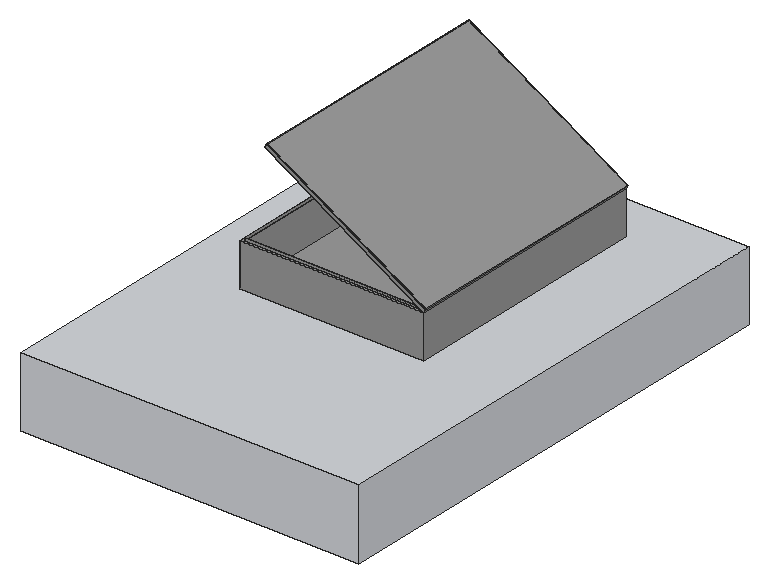
Revit family "Hager-Univers-IP44-D205-H1100-Cl.I-Encl-CH-de", category Equipement électrique, Revit 2020
Family settings
  Hôte = Face
  Configuration du panneau = Deux colonnes, circuits au sein
  Cote de connecteur circulaire = Utiliser le diamètre
  Type d'élément = Tableau de raccordement
  Couper avec des vides une fois chargée = Non
  Partagée = Non
  Point de calcul de pièce = Non
Parameters (values of type "Aufputz IP44 B800 H1100 T205  - FP73TN2")
  Width Control [instance] = if([EF000008 - Breite] > Min Width, [EF000008 - Breite], Min Width)  # 800 mm
  Commentaires du type = [HG000003 - Bereich]  # "Univers"
  Thickness Door [instance] = if([EF009171 - Materialstärke Tür/Deckel] > 3 mm, 3 mm, [EF009171 - Materialstärke Tür/Deckel])  # 1 mm
  Seal Frame Offset [instance] = 17 mm  # constant formula
  Plinth Visibility [instance] = [HG000027 - Sockelhöhe] > 0 mm  # no
  Model = ""
  Min Width [instance] = 100 mm  # constant formula
  Min Height [instance] = 100 mm  # constant formula
  Min Depth [instance] = (2 * [EF009170 - Materialstärke Gehäuse]) + 1 mm  # 3 mm
  Internal Frame Depth [instance] = (Door System Depth * 0.5)  # 9 mm
  Height Control [instance] = if([EF000040 - Höhe] > Min Height, [EF000040 - Höhe], Min Height)  # 1100 mm
  HG000027 - Sockelhöhe = 0 mm
  HG000026 - Stehend auf dem Boden = no
  HG000024 - Höhe des unteren Teils = 800 mm
  HG000023 - Gehäuse mit doppeltem Querschnitt = no
  HG000016 - 3D-Türsichtbarkeit [instance] = yes
  HG000015 - Sichtbarkeit der Türöffnung [instance] = no
  HG000014 - Tür rechts [instance] = yes
  HG000013 - Tür links [instance] = not([HG000014 - Tür rechts])  # no
  HG000012 - Türschwenkwinkel [instance] = 30.00°
  HG000010 - Asymmetrische Türen = no
  HG000009 - Doppelflügeligen Tür = no
  HG000006 - Unterputz = no
  HG000004 - Herstellerreferenz = "FP73TN2"
  HG000003 - Bereich = "Univers"
  HG000002 - Mit tür = yes
  Frame Offset Bottom [instance] = 10 mm  # constant formula
  Frame Offset [instance] = 15 mm  # constant formula
  EF015940 - Deckel mit Überdruckentlastung = no
  EF011959 - Schutzart (NEMA) = ""
  EF009554 - Anzahl der Öffnungen für Flanschplatten = 6
  Fabricant = "Hager"  # constant formula
  EF009212 - Ausführung Deckel = "EV000116 - geschlossen"
  EF009171 - Materialstärke Tür/Deckel = 1 mm
  EF009170 - Materialstärke Gehäuse = 1 mm
  EF008873 - Nennstrom (In) = 250 A
  EF007800 - Geeignet für Blitzschutz = no
  EF006306 - Mit Schloss = no
  EF006244 - Transparenter Deckel/Tür = no
  EF005474 - Schutzart (IP) = "EV006418 - IP44"
  EF004464 - Art der Tür = "EV002646 - Einzel"
  EF004427 - Anzahl der Module = 252
  EF004293 - Schlagfestigkeit = "EV006815 - IK09"
  EF003532 - Geeignet für Außengebrauch = no
  EF002950 - Breite in Teilungseinheiten = 36
  EF001613 - Funktionserhalt = "EV000494 - ohne"
  EF001596 - Werkstoff des Gehäuses = "EV000179 - Stahl"
  EF001131 - Innentiefe = 130 mm
  EF001088 - Anbaumöglichkeit = yes
  EF000437 - Anzahl der Leitungseinführungen = 6
  EF000339 - Art der Abdeckung = "EV001012 - Deckel"
  EF000266 - Anzahl der Reihen = 7
  EF000218 - Einbautiefe = 205 mm
  EF000118 - Mit Montageplatte = no
  EF000116 - RAL-Nummer = "9010"
  EF000049 - Tiefe = 205 mm
  EF000040 - Höhe = 1100 mm
  EF000008 - Breite = 800 mm
  EF000007 - Farbe = "EV000202 - weiß"
  EF000003 - Montageart = "EV000384 - Aufputz"
  Door System Leaf Tolerance [instance] = 1.5 mm  # constant formula
  Door System Depth [instance] = 18 mm  # constant formula
  Door Height [instance] = Height Control - [HG000027 - Sockelhöhe]  # 1100 mm
  Depth Control [instance] = if([EF000049 - Tiefe] > Min Depth, [EF000049 - Tiefe], Min Depth)  # 205 mm
  Default Elevation = 0 mm
  Connector Offset [instance] = Height Control / 2  # 550 mm
  Bottom Top Plate Trim [instance] = 1.5 mm  # constant formula
  Plinth height Ctrl [instance] = if([HG000027 - Sockelhöhe] > 0 mm, [HG000027 - Sockelhöhe], 12 mm)  # 12 mm
Types (10, lengths in mm): name | Width Control | HG000010 - Asymmetrische Türen | HG000009 - Doppelflügeligen Tür | HG000004 - Herstellerreferenz | EF009554 - Anzahl der Öffnungen für Flanschplatten | EF004464 - Art der Tür | EF004427 - Anzahl der Module | EF002950 - Breite in Teilungseinheiten | EF000437 - Anzahl der Leitungseinführungen | EF000218 - Einbautiefe | EF000008 - Breite
  Aufputz IP44 B1050 H1100 T205  - FP74QT | 1050 | no | no | "FP74QT" | 8 | "EV003602 - Doppel" | 336 | 48 | 8 | 0 | 1050
  Aufputz IP44 B1050 H1100 T205  - FP74TN2 | 1050 | no | yes | "FP74TN2" | 8 | "EV003602 - Doppel" | 336 | 48 | 8 | 205 | 1050
  Aufputz IP44 B1300 H1100 T205  - FP75QT | 1300 | no | no | "FP75QT" | 10 | "EV003602 - Doppel" | 420 | 60 | 10 | 0 | 1300
  Aufputz IP44 B1300 H1100 T205  - FP75TN2 | 1300 | yes | yes | "FP75TN2" | 10 | "EV003602 - Doppel" | 420 | 60 | 10 | 205 | 1300
  Aufputz IP44 B300 H1100 T205  - FP71QT | 300 | no | no | "FP71QT" | 2 | "EV002646 - Einzel" | 84 | 12 | 2 | 0 | 300
  Aufputz IP44 B300 H1100 T205  - FP71TN2 | 300 | no | no | "FP71TN2" | 2 | "EV002646 - Einzel" | 84 | 12 | 2 | 205 | 300
  Aufputz IP44 B550 H1100 T205  - FP72QT | 550 | no | no | "FP72QT" | 4 | "EV002646 - Einzel" | 168 | 24 | 4 | 0 | 550
  Aufputz IP44 B550 H1100 T205  - FP72TN2 | 550 | no | no | "FP72TN2" | 4 | "EV002646 - Einzel" | 168 | 24 | 4 | 205 | 550
  Aufputz IP44 B800 H1100 T205  - FP73QT | 800 | no | no | "FP73QT" | 6 | "EV002646 - Einzel" | 252 | 36 | 6 | 0 | 800
  Aufputz IP44 B800 H1100 T205  - FP73TN2 | 800 | no | no | "FP73TN2" | 6 | "EV002646 - Einzel" | 252 | 36 | 6 | 205 | 800
Reference planes
  plane 1 "Center (Front/Back)": y = 0
  plane 2: z = 0
  plane 3 "Center (Left/Right)": x = 0
  plane 4: z = 205
  plane 5: y = 1
  plane 6: y = 550
  plane 7: y = 0
  plane 8: y = 1100
  plane 9: z = 0
  plane 10: x = -385
  plane 11: x = 385
  plane 12: x = 384
  plane 13: x = -384
  plane 14: y = 1099
  plane 15: x = -383
  plane 16: x = -400
  plane 17: x = 383
  plane 18: x = 400
  plane 19: x = 399
  plane 20: x = -399
  plane 21: y = 11
  plane 22: y = 1100
  plane 23: y = 1084
  plane 24: z = 187
  plane 25: z = 1
  plane 26: z = 186
  plane 27: z = 204
Forms (mm)
  Extrusion 1, solid
    sketch origin (0, 0, 0) x (1, 0, 0) y (0, 1, 0)
      loop
        line (-702.964, 1305) -> (-702.964, -811.445) -> (766.763, -811.445) -> (766.763, 1305) -> (-702.964, 1305)
    from 0 to -304.8
  Extrusion 2, solid, material "Hager_Steel_RAL7035_Light_Grey", visible <- "Plinth Visibility", detail levels medium+fine
    sketch origin (0, 0, 0) x (1, 0, 0) y (0, 1, 0)
      loop
        line (-400, 0) -> (400, 0) -> (400, 12) -> (-400, 12) -> (-400, 0)
    from 0 to 187
  Extrusion 3, solid, material "Hager_Steel_RAL7035_Light_Grey", detail levels medium+fine
    sketch origin (0, 0, 0) x (1, 0, 0) y (0, 1, 0)
      loop
        line (-400, 0) -> (400, 0) -> (400, 1100) -> (-400, 1100) -> (-400, 0)
    from 0 to 187
  Extrusion 4, void
    sketch origin (0, 0, 0) x (1, 0, 0) y (0, 1, 0)
      loop
        line (-399, 1) -> (399, 1) -> (399, 1099) -> (-399, 1099) -> (-399, 1)
    from 1 to 186
  Extrusion 5, void
    sketch origin (-381.607, -4572, 187) x (0, -1, 0) y (-1, 0, 0)
      loop
        line (-4583, 2.393) -> (-5656, 2.393) -> (-5656, -765.607) -> (-4583, -765.607) -> (-4583, 2.393)
    from 0 to 1 <- "EF009170 - Materialstärke Gehäuse"
  Extrusion 6, solid, material "Hager_Steel_RAL7035_Light_Grey", detail levels fine
    sketch origin (0, 0, 187) x (1, 0, 0) y (0, 1, 0)
      loop
        line (-384, 1084) -> (-384, 11) -> (384, 11) -> (384, 1084) -> (-384, 1084)
      loop
        line (-385, 10) -> (385, 10) -> (385, 1085) -> (-385, 1085) -> (-385, 10)
    from 0 to 9 <- "Internal Frame Depth"
  Extrusion 7, solid, material "Hager_Steel_RAL7035_Light_Grey", detail levels coarse
    sketch origin (0, 0, 0) x (1, 0, 0) y (0, 1, 0)
      loop
        line (-400, 0) -> (400, 0) -> (400, 1100) -> (-400, 1100) -> (-400, 0)
    from 0 to 205
  Sweep 8, void
    path in 3D
      loop
        line (-400, 12, 0) -> (400, 12, 0) -> (400, 12, 187) -> (-400, 12, 187) -> (-400, 12, 0)
    profile origin (-400, 12, 93.5) x (-1, 0, 0) y (0, -1, 0)
      loop
        line (0, 0) -> (0, 1.5) -> (-1.5, 1.5)
        arc (-1.5, 1.5) -> (-1.061, 0.439) -> (0, 0) r 1.5
Cuts and joins
  Extrusion 4, Extrusion 5 cuts Extrusion 3
  Sweep 8 cuts Extrusion 2
Lines and regions (mm)
  Masking region 1
    outline origin (0, 0, 0) x (1, 0, 0) y (0, 0, 1)
      loop
        line (-400, 205) -> (-400, 0) -> (400, 0) -> (400, 205) -> (-400, 205)
  Masking region 2, detail levels medium+fine
    outline origin (0, 140, 0) x (0, 1, 0) y (0, 0, 1)
      loop
        line (-140, 0) -> (960, 0) -> (960, 187) -> (-140, 187) -> (-140, 0)
  Masking region 3, not visible, detail levels medium+fine
    outline origin (0, 297.922, 0) x (0, 1, 0) y (0, 0, 1)
      loop
        line (263.578, 0) -> (303.578, 0) -> (303.578, 194)
        arc (303.578, 194) -> (300.649, 201.071) -> (293.578, 204) r 10
        line (293.578, 204) -> (263.578, 204) -> (263.578, 0)
  Masking region 4, detail levels coarse
    outline origin (0, 0, 180) x (0, 1, 0) y (0, 0, 1)
      loop
        line (0, -180) -> (1100, -180) -> (1100, 25) -> (0, 25) -> (0, -180)
  Masking region 5, visible <- "Plinth Visibility", detail levels medium+fine
    outline origin (0, 52.24, 12.345) x (0, 0, -1) y (0, 1, 0)
      loop
        line (10.845, -40.24) -> (-173.155, -40.24)
        arc (-173.155, -40.24) -> (-173.594, -41.301) -> (-174.655, -41.74) r 1.5
        line (-174.655, -41.74) -> (-174.655, -52.24) -> (12.345, -52.24) -> (12.345, -41.74)
        arc (12.345, -41.74) -> (11.285, -41.301) -> (10.845, -40.24) r 1.5
  Masking region 6, detail levels medium+fine
    outline origin (-381.607, -4572, 187) x (-1, 0, 0) y (0, -1, 0)
      loop
        line (18.393, -5672) -> (18.393, -4572) -> (-781.607, -4572) -> (-781.607, -5672) -> (18.393, -5672)
  Masking region 7, visible <- "Plinth Visibility", detail levels medium+fine
    outline origin (-381.607, -4727, 187) x (-1, 0, 0) y (0, -1, 0)
      loop
        arc (16.893, -4739) -> (17.332, -4737.939) -> (18.393, -4737.5) r 1.5
        line (18.393, -4737.5) -> (18.393, -4727) -> (-781.607, -4727) -> (-781.607, -4737.5)
        arc (-781.607, -4737.5) -> (-780.546, -4737.939) -> (-780.107, -4739) r 1.5
        line (-780.107, -4739) -> (16.893, -4739)
  Masking region 8, detail levels coarse
    outline origin (-442.548, -4669.526, 187) x (-1, 0, 0) y (0, -1, 0)
      loop
        line (-42.548, -5769.526) -> (-42.548, -4669.526) -> (-842.548, -4669.526) -> (-842.548, -5769.526) -> (-42.548, -5769.526)
  sketch lines
    curve 1: line (-400, 12, 187) -> (-400, 12, 0)
    curve 2: line (400, 12, 187) -> (-400, 12, 187)
    curve 3: line (400, 12, 187) -> (400, 12, 0)
    curve 4: line (-400, 12, 0) -> (400, 12, 0)
Dimensions and locks
  "Depth Control": plane 4 to Extrusion 1
  "HG000027 - Sockelhöhe": plane 1 "Center (Front/Back)" to plane 7
  "EF009170 - Materialstärke Gehäuse": plane 5 to plane 7
  locked: connector elem to plane 3 "Center (Left/Right)"
  equal spacing: plane 8, plane 6, plane 7
  locked: connector elem to plane 6
  "EF009170 - Materialstärke Gehäuse": plane 8 to plane 14
  "EF009170 - Materialstärke Gehäuse": plane 10 to plane 13
  "EF009170 - Materialstärke Gehäuse": plane 12 to plane 11
  "Frame Offset": plane 20 to plane 13
  "Frame Offset": plane 12 to plane 19
  "EF009170 - Materialstärke Gehäuse": plane 16 to plane 20
  "EF009170 - Materialstärke Gehäuse": plane 19 to plane 18
  "Seal Frame Offset": plane 16 to plane 15
  "Seal Frame Offset": plane 17 to plane 18
  "Frame Offset Bottom": plane 21 to plane 5
  "Frame Offset": plane 14 to plane 23
  equal spacing: plane 16, plane 3 "Center (Left/Right)", plane 18
  "Width Control": plane 16 to plane 18
  "EF009170 - Materialstärke Gehäuse": plane 4 to plane 27
  "EF009170 - Materialstärke Gehäuse": plane 24 to plane 26
  "EF009170 - Materialstärke Gehäuse": plane 25 to level
  "Door System Depth": plane 4 to plane 24
  "Height Control": plane 1 "Center (Front/Back)" to Extrusion 7 sketch curve
  "Height Control": Masking region 4 sketch curve to plane 1 "Center (Front/Back)"
  "Height Control": plane 1 "Center (Front/Back)" to plane 22
  "Bottom Top Plate Trim": profile plane to Sweep 8 sketch curve
  "Bottom Top Plate Trim": Sweep 8 sketch curve to profile plane
  "Plinth height Ctrl": plane 1 "Center (Front/Back)" to Extrusion 2 sketch curve
  "Plinth height Ctrl": Masking region 5 sketch curve to plane 1 "Center (Front/Back)"
  "Plinth height Ctrl": plane 1 "Center (Front/Back)" to Masking region 7 sketch curve
  "Thickness Door": Extrusion 6 sketch curve to Extrusion 6 sketch curve  (x3)
  "Thickness Door": cut or joined group of Extrusion 3, Extrusion 4, Extrusion 5 to Extrusion 6 sketch curve
  radius of Masking region 3 sketch curve = 10 mm
  "Bottom Top Plate Trim": radius of Masking region 5 sketch curve  (x2)
  "Bottom Top Plate Trim": radius of Sweep 8 sketch curve
  "Bottom Top Plate Trim": radius of Masking region 7 sketch curve  (x2)
  aligned and locked: plane 2 to Extrusion 1
  aligned and locked: level to Extrusion 1
  aligned and locked: level to Masking region 1 sketch curve
  aligned and locked: Masking region 1 sketch curve to plane 18
  aligned and locked: Masking region 1 sketch curve to plane 16
  aligned and locked: plane 7 to Masking region 2 sketch curve
  aligned and locked: level to Masking region 3 sketch curve
  aligned and locked: Masking region 3 sketch curve to plane 27
  aligned and locked: level to Masking region 2 sketch curve
  aligned and locked: plane 1 "Center (Front/Back)" to Extrusion 2 sketch curve
  aligned and locked: Extrusion 3 sketch curve to plane 7
  aligned and locked: plane 16 to Extrusion 3 sketch curve
  aligned and locked: plane 18 to Extrusion 3 sketch curve
  aligned and locked: plane 20 to Extrusion 4 sketch curve
  aligned and locked: plane 19 to Extrusion 4 sketch curve
  aligned and locked: Extrusion 4 sketch curve to plane 5
  aligned and locked: Extrusion 4 to plane 25
  aligned and locked: plane 26 to Extrusion 4
  aligned and locked: plane 24 to Extrusion 3
  aligned and locked: Extrusion 5 sketch curve to plane 21
  aligned and locked: Extrusion 5 sketch curve to plane 13
  aligned and locked: Extrusion 5 sketch curve to plane 12
  aligned and locked: plane 18 to Extrusion 7 sketch curve
  aligned and locked: plane 1 "Center (Front/Back)" to Extrusion 7 sketch curve
  aligned and locked: plane 16 to Extrusion 7 sketch curve
  aligned and locked: plane 4 to Extrusion 7
  aligned and locked: Extrusion 7 to level
  aligned and locked: level to Masking region 4 sketch curve
  aligned and locked: Masking region 4 sketch curve to plane 1 "Center (Front/Back)"
  aligned and locked: Masking region 4 sketch curve to plane 4
  aligned and locked: nested 1 to level
  aligned and locked: nested 1 to plane 16
  aligned and locked: plane 8 to Extrusion 3 sketch curve
  aligned and locked: plane 23 to Extrusion 5 sketch curve
  aligned and locked: plane 14 to Extrusion 4 sketch curve
  aligned and locked: Masking region 2 sketch curve to plane 8
  aligned and locked: level to Masking region 5 sketch curve
  aligned and locked: plane 16 to Extrusion 2 sketch curve
  aligned and locked: plane 18 to Extrusion 2 sketch curve
  aligned and locked: Masking region 5 sketch curve to plane 24
  aligned and locked: Masking region 2 sketch curve to plane 24
  aligned and locked: plane 24 to Extrusion 2
  aligned and locked: profile plane to Sweep 8 sketch curve  (x2)
  aligned and locked: Masking region 6 sketch curve to plane 18
  aligned and locked: Masking region 6 sketch curve to plane 22
  aligned and locked: Masking region 6 sketch curve to plane 16
  aligned and locked: plane 8 to plane 22
  aligned and locked: Masking region 6 sketch curve to plane 7
  aligned and locked: Masking region 7 sketch curve to plane 16
  aligned and locked: Masking region 7 sketch curve to plane 1 "Center (Front/Back)"
  aligned and locked: Masking region 7 sketch curve to plane 18
  aligned and locked: Masking region 8 sketch curve to plane 1 "Center (Front/Back)"
  aligned and locked: Masking region 8 sketch curve to plane 18
  aligned and locked: Masking region 8 sketch curve to plane 22
  aligned and locked: Masking region 8 sketch curve to plane 16
  aligned and locked: nested 2 to plane 7
  aligned and locked: plane 3 "Center (Left/Right)" to nested 2
  aligned and locked: nested 2 to plane 24
  aligned and locked: Extrusion 6 sketch curve to cut or joined group of Extrusion 3, Extrusion 4, Extrusion 5  (x4)
Automatic sketch dimensions
  Extrusion 1 sketch curve to Extrusion 1 sketch curve = 1469.727 mm
  Extrusion 1 sketch curve to Extrusion 1 sketch curve = 2116.445 mm
  Masking region 1 sketch curve to plane 4 = 0 mm
  plane 6 to Masking region 3 sketch curve = 11.5 mm
  Masking region 3 sketch curve to Masking region 3 sketch curve = 30 mm
  Masking region 5 sketch curve to plane 1 "Center (Front/Back)" = 0 mm
Nested families
  nested 1: "Hager_Enclosure_Symbol" at (-400, 0, 0) x (1, 0, 0) z (0, -1, 0), Height <- "Depth Control", Width <- "Width Control", type "Hager_Enclosure_Symbol"
    with Width_Ctrl 800 mm, Width 800 mm, Height_Ctrl 205 mm, Height 205 mm, A_Width_Int 13.453 mm, A_Width 161.438 mm, A_Height_Ctrl 179.375 mm, A_Height 179.375 mm
  nested 2: "EC000058_Univers_Door" at (0, 0, 187) x (1, 0, 0) z (0, 1, 0), Leaf_Tolerance <- "Door System Leaf Tolerance", Angle <- "HG000012 - Türschwenkwinkel", Door_Depth <- "Door System Depth", Door_Left <- "HG000013 - Tür links", Transparent <- "EF006244 - Transparenter Deckel/Tür", Assymetrical <- "HG000010 - Asymmetrische Türen", Width <- "Width Control", Clearance <- "HG000015 - Sichtbarkeit der Türöffnung", Double <- "HG000009 - Doppelflügeligen Tür", 3d_Door <- "HG000016 - 3D-Türsichtbarkeit", Lock_Visibility <- "EF006306 - Mit Schloss", Width_Ctrl <- "Width Control", Door_Right <- "HG000014 - Tür rechts", Door <- "HG000002 - Mit tür", Height <- "Door Height", Thickness <- "Thickness Door", type "EC000058_Univers_Door", detail levels medium+fine
    with min_wh 3 mm, Width_Ctrl 800 mm, Width 800 mm, Transparent no, Thickness 1 mm, Seal_Material Hager_Rubber, Lock_Visibility no, Lock_Material Hager_Plastic_RAL9005_Jet_Black, Leaf_Width 800 mm, Leaf_Tolerance_External_Sides 0 mm, Leaf_Tolerance 1.5 mm, Leaf_Offset 0 mm, Leaf_Height 1097 mm, Leaf_2_Width 800 mm, Leaf_2_Offset 400 mm, Leaf_1_Width 800 mm, Leaf_1_Offset 400 mm, Height_Ctrl 1100 mm, Height 1100 mm, Glass_Material Hager_Glass, Double_Clearance_Ctrl no, Double no, Door_Right_Ctrl yes, Door_Right yes, Door_Material Hager_Steel_RAL7035_Light_Grey, Door_Left_Ctrl no, Door_Left no, Door_Depth 18 mm, Door yes, Clearance_Material Hager_Clearance, Clearance_Depth 800 mm, Clearance_Ctrl no, Clearance no, Assymetrical no, Angle 30.00°, 3d_Door yes
Connectors
  electrical at (0, 550, 0)
    settings: on plane 9, index 1, voltage 0 V, apparent load 0 VA, apparent load phase1 0 VA, apparent load phase2 0 VA, apparent load phase3 0 VA, power factor 1, load classification "Other", number of poles 1, system type 30, power factor state 1, is connector primary yes, connector utility no, sub classification motor no, connector description ""
Definition of nested family "EC000058_Univers_Door"
  Parameters (values of type "EC000058_Univers_Door")
    min_wh [instance] = (2 * Thickness) + 1 mm  # 11 mm
    Width_Ctrl [instance] = 400 mm
    Width [instance] = 500 mm
    Transparent [instance] = yes
    Thickness [instance] = 5 mm
    Seal_Material [instance] = none
    Lock_Visibility [instance] = yes
    Lock_Material [instance] = none
    Leaf_Width [instance] = if((Width_Ctrl - 2 * Leaf_Tolerance_External_Sides) > 0 mm, (Width_Ctrl - 2 * Leaf_Tolerance_External_Sides), min_wh)  # 400 mm
    Leaf_Tolerance_External_Sides [instance] = 0 mm  # constant formula
    Leaf_Tolerance [instance] = 1.5 mm
    Leaf_Offset [instance] = 0 mm  # constant formula
    Leaf_Height [instance] = if((Height_Ctrl - 2 * Leaf_Tolerance) > 0 mm, (Height_Ctrl - 2 * Leaf_Tolerance), min_wh)  # 497 mm
    Leaf_2_Width [instance] = if(and(and(Double, Assymetrical), Door_Left), (Leaf_Width / 3) - (Leaf_Tolerance / 2), if(and(and(Double, Assymetrical), Door_Right), (Leaf_Width / 3) * 2 - (Leaf_Tolerance / 2), if(and(Double, not(Assymetrical)), (Leaf_Width / 2) - Leaf_Tolerance, Leaf_Width)))  # 400 mm
    Leaf_2_Offset [instance] = if(and(Double, Assymetrical), Leaf_2_Width / 2, if(and(Double, not(Assymetrical)), Leaf_Width / 4, Leaf_Width / 2))  # 200 mm
    Leaf_1_Width [instance] = if(and(and(Double, Assymetrical), Door_Right), (Leaf_Width / 3) - (Leaf_Tolerance / 2), if(and(and(Double, Assymetrical), Door_Left), (Width / 3) * 2 - (Leaf_Tolerance / 2), if(and(Double, not(Assymetrical)), (Leaf_Width / 2) - Leaf_Tolerance, Leaf_Width)))  # 400 mm
    Leaf_1_Offset [instance] = if(and(Double, Assymetrical), Leaf_1_Width / 2, if(and(Double, not(Assymetrical)), Leaf_Width / 4, Leaf_Width / 2))  # 200 mm
    Height_Ctrl [instance] = if(Height > min_wh, Height, min_wh)  # 500 mm
    Height [instance] = 500 mm
    Glass_Material [instance] = none
    Double_Clearance_Ctrl [instance] = and(Double, Clearance)  # no
    Double [instance] = no
    Door_Right_Ctrl [instance] = and(or(Door_Right, Double), Door)  # yes
    Door_Right [instance] = yes
    Door_Material [instance] = none
    Door_Left_Ctrl [instance] = and(or(Door_Left, Double), Door)  # no
    Door_Left [instance] = no
    Door_Depth [instance] = 30 mm
    Door [instance] = yes
    Default Elevation = 1219.2 mm
    Clearance_Material [instance] = none
    Clearance_Depth [instance] = if(Leaf_1_Width > Leaf_2_Width, Leaf_1_Width, Leaf_2_Width)  # 400 mm
    Clearance_Ctrl [instance] = and(not(Double), Clearance)  # yes
    Clearance [instance] = yes
    Assymetrical [instance] = yes
    Angle [instance] = 30.00°
    3d_Door [instance] = yes
  Reference planes
    plane 1 "Center (Front/Back)": y = 0
    plane 2 "Bottom": z = 0
    plane 3 "Center (Left/Right)": x = 0
    plane 4: z = 500
    plane 5: x = -200
    plane 6: x = 200
    plane 7: z = 500
    plane 8: x = -200
    plane 9: z = 0
    plane 10: x = 200
    plane 11: y = 0
    plane 12: z = 1.5
    plane 13: x = -600
    plane 14: y = -400
    plane 15: x = 600
    plane 16: x = 0
    plane 17: x = 0
    plane 18: x = -200
    plane 19: x = 200
    plane 20: z = 498.5
  Forms (mm)
    Extrusion 1, solid, material <- "Clearance_Material", visible <- "Double_Clearance_Ctrl"
      sketch origin (1200, 0, 0) x (1, 0, 0) y (0, 0, -1)
        loop
          line (-1800, -498.5) -> (-600, -498.5) -> (-600, 0) -> (-1800, 0) -> (-1800, -498.5)
      from 0 to -400
  Dimensions and locks
    equal spacing: plane 5, plane 3 "Center (Left/Right)", plane 6
    "Width_Ctrl": plane 5 to plane 6
    "Leaf_Offset": plane 5 to plane 8
    "Leaf_Offset": plane 6 to plane 10
    "Leaf_Offset": plane 9 to level
    "Leaf_Offset": plane 4 to plane 7
    "Height_Ctrl": plane 4 to level
    "Leaf_Tolerance": plane 12 to plane 9
    locked: plane 11 to plane 1 "Center (Front/Back)"
    "Leaf_1_Offset": plane 18 to plane 16
    "Leaf_2_Offset": plane 17 to plane 19
    "Leaf_1_Width": plane 13 to plane 8
    "Leaf_2_Width": plane 10 to plane 15
    "Clearance_Depth": plane 14 to plane 1 "Center (Front/Back)"
    "Leaf_Tolerance_External_Sides": plane 8 to plane 18
    "Leaf_Tolerance_External_Sides": plane 19 to plane 10
    "Leaf_Tolerance": plane 7 to plane 20
    aligned and locked: level to plane 2 "Bottom"
    aligned and locked: nested 1 to plane 16
    aligned and locked: nested 2 to plane 17
    aligned and locked: Extrusion 1 to plane 13
    aligned and locked: plane 15 to Extrusion 1
    aligned and locked: Extrusion 1 to plane 14
    aligned and locked: plane 12 to nested 1
    aligned and locked: nested 2 to plane 12
    aligned and locked: Extrusion 1 to plane 11
    aligned and locked: plane 20 to Extrusion 1
    aligned and locked: nested 2 to plane 11
    aligned and locked: nested 1 to plane 11
  Automatic sketch dimensions
    Extrusion 1 sketch curve to level = 0 mm
    plane 5 to Extrusion 1 sketch curve = 400 mm
    plane 6 to Extrusion 1 sketch curve = 400 mm
    Extrusion 1 sketch curve to plane 4 = 1.5 mm
  Nested families
    nested 1: "EC000058_Univers_Door_Leaf" at (0, 0, 1.5), Width <- "Leaf_1_Width", visible <- "Door_Left_Ctrl", Leaf_Height <- "Leaf_Height", Angle <- "Angle", 3d_Door <- "3d_Door", Transparent <- "Transparent", Clearance Material <- "Clearance_Material", Clearance <- "Clearance_Ctrl", Door_Material <- "Door_Material", Glass_Material <- "Glass_Material", Door_Depth <- "Door_Depth", Lock_Material <- "Lock_Material", Seal_Material <- "Seal_Material", Lock_Visibility <- "Lock_Visibility", Thickness <- "Thickness", type "EC000058_Univers_Door_Leaf"
      with Width 400 mm, Transparent_Glass_Offset 30 mm, Transparent_Ctrl yes, Transparent yes, Thickness 5 mm, Standard no, Seal_Material none, Seal_D2 8 mm, Seal_D1 1 mm, Offset_Internal_Frame 10 mm, Lock_Width 20 mm, Lock_Visibility_3d yes, Lock_Visibility yes, Lock_Thickness_3 3 mm, Lock_Thickness_2 1 mm, Lock_Thickness_1 3 mm, Lock_Radius_Offset_2 16 mm, Lock_Radius_Offset_1 15 mm, Lock_Radius_2 5 mm, Lock_Radius 6 mm, Lock_Offset 5 mm, Lock_Material none, Lock_Height 80 mm, Lock_Cover_Top_Offset_2d 17 mm, Lock_Cover_Height -65 mm, Leaf_Height 497 mm, Internal_Seal_Thickness 8 mm, Internal_Seal_Depth_2 4.5 mm, Internal_Frame_Depth 25 mm, Glass_Thickness -1 mm, Glass_Offset -2 mm, Glass_Material none, Door_Material none, Door_Depth 30 mm, Clearance Material none, Clearance yes, Angle_Ctrl 30.00°, Angle 30.00°, 3d_Door yes
    nested 2: "EC000058_Univers_Door_Leaf" at (0, 0, 1.5) x (-1, 0, 0) z (0, 0, 1), Width <- "Leaf_2_Width", visible <- "Door_Right_Ctrl", Leaf_Height <- "Leaf_Height", Angle <- "Angle", 3d_Door <- "3d_Door", Transparent <- "Transparent", Clearance Material <- "Clearance_Material", Clearance <- "Clearance_Ctrl", Door_Material <- "Door_Material", Glass_Material <- "Glass_Material", Door_Depth <- "Door_Depth", Lock_Material <- "Lock_Material", Seal_Material <- "Seal_Material", Lock_Visibility <- "Lock_Visibility", Thickness <- "Thickness", type "EC000058_Univers_Door_Leaf"
      with Width 400 mm, Transparent_Glass_Offset 30 mm, Transparent_Ctrl yes, Transparent yes, Thickness 5 mm, Standard no, Seal_Material none, Seal_D2 8 mm, Seal_D1 1 mm, Offset_Internal_Frame 10 mm, Lock_Width 20 mm, Lock_Visibility_3d yes, Lock_Visibility yes, Lock_Thickness_3 3 mm, Lock_Thickness_2 1 mm, Lock_Thickness_1 3 mm, Lock_Radius_Offset_2 16 mm, Lock_Radius_Offset_1 15 mm, Lock_Radius_2 5 mm, Lock_Radius 6 mm, Lock_Offset 5 mm, Lock_Material none, Lock_Height 80 mm, Lock_Cover_Top_Offset_2d 17 mm, Lock_Cover_Height -65 mm, Leaf_Height 497 mm, Internal_Seal_Thickness 8 mm, Internal_Seal_Depth_2 4.5 mm, Internal_Frame_Depth 25 mm, Glass_Thickness -1 mm, Glass_Offset -2 mm, Glass_Material none, Door_Material none, Door_Depth 30 mm, Clearance Material none, Clearance yes, Angle_Ctrl 30.00°, Angle 30.00°, 3d_Door yes
  Definition of nested family "EC000058_Univers_Door_Leaf"
    Parameters (values of type "EC000058_Univers_Door_Leaf")
      Width [instance] = 2000 mm
      Transparent_Glass_Offset [instance] = 30 mm
      Transparent_Ctrl [instance] = and(Transparent, [3d_Door])  # yes
      Transparent [instance] = yes
      Thickness [instance] = 5 mm
      Standard [instance] = and(not(Transparent), [3d_Door])  # no
      Seal_Material [instance] = none
      Seal_D2 [instance] = 8 mm  # constant formula
      Seal_D1 [instance] = 1 mm  # constant formula
      Offset_Internal_Frame [instance] = 10 mm  # constant formula
      Lock_Width [instance] = 20 mm  # constant formula
      Lock_Visibility_3d [instance] = and(Lock_Visibility, [3d_Door])  # yes
      Lock_Visibility [instance] = yes
      Lock_Thickness_3 [instance] = 3 mm  # constant formula
      Lock_Thickness_2 [instance] = 1 mm  # constant formula
      Lock_Thickness_1 [instance] = 3 mm  # constant formula
      Lock_Radius_Offset_2 [instance] = Lock_Radius_Offset_1 + 1 mm  # 16 mm
      Lock_Radius_Offset_1 [instance] = 15 mm  # constant formula
      Lock_Radius_2 [instance] = Lock_Radius - 1 mm  # 5 mm
      Lock_Radius [instance] = 6 mm  # constant formula
      Lock_Offset [instance] = 5 mm  # constant formula
      Lock_Material [instance] = none
      Lock_Height [instance] = 80 mm  # constant formula
      Lock_Cover_Top_Offset_2d [instance] = Lock_Radius_Offset_2 + 1 mm  # 17 mm
      Lock_Cover_Height [instance] = -(Lock_Height - Lock_Radius_Offset_1)  # -65 mm
      Leaf_Height [instance] = 2720.336 mm
      Internal_Seal_Thickness [instance] = 8 mm  # constant formula
      Internal_Seal_Depth_2 [instance] = 4.5 mm  # constant formula
      Internal_Frame_Depth [instance] = if(Door_Depth - Thickness > 5 mm, Door_Depth - Thickness, 5 mm)  # 25 mm
      Glass_Thickness [instance] = if(Thickness > 15 mm, Glass_Offset + 10 mm, -1 mm)  # -1 mm
      Glass_Offset [instance] = if(Thickness > 15 mm, -(Thickness + 10 mm) / 2, -2 mm)  # -2 mm
      Glass_Material [instance] = none
      Door_Material [instance] = none
      Door_Depth [instance] = 30 mm
      Default Elevation = 0 mm
      Clearance Material [instance] = none
      Clearance [instance] = yes
      Angle_Ctrl [instance] = if(Angle > 180.00°, 180.00°, Angle)  # 90.00°
      Angle [instance] = 90.00°
      3d_Door [instance] = yes
    Reference planes
      plane 1 "Center (Front/Back)": y = 0
      plane 2: z = 0
      plane 3 "Center (Left/Right)": x = 0
      plane 4: y = 2000
      plane 5: x = -1000
      plane 6: x = 1000
      plane 7: x = -3000
      plane 8: z = 2720.336
      plane 9: z = 30
      plane 10: z = 2690.336
      plane 11: x = 970
      plane 12: x = -970
      plane 13: y = -3
      plane 14: z = 107.833
      plane 15: y = -5
      plane 16: y = -223.314
      plane 17: x = -1000
      plane 18: z = 1360.168
      plane 19: y = 30
    Forms (mm)
      Extrusion 1, solid, material <- "Clearance Material", visible <- "Clearance"
        sketch origin (0, 0, 0) x (1, 0, 0) y (0, 0, 1)
          loop
            line (-3000, 2720.336) -> (-3000, 0) -> (1000, 0) -> (1000, 2720.336) -> (-3000, 2720.336)
        from 0 to -2000
      Extrusion 2, solid, material <- "Door_Material", visible <- "Standard", detail levels medium+fine
        sketch origin (-1000, 0, 0) x (0, 1, 0) y (-1, 0, 0)
          loop
            line (0, 30) -> (0, 25) -> (2000, 25) -> (2000, 30) -> (0, 30)
        from 0 to 2720.336 <- "Leaf_Height"
      Extrusion 3, solid, material <- "Door_Material", visible <- "Transparent_Ctrl", detail levels medium+fine
        sketch origin (-1000, 0, 0) x (0, 1, 0) y (-1, 0, 0)
          loop
            line (0, 25) -> (2000, 25) -> (2000, 30) -> (0, 30) -> (0, 25)
        from 0 to 2720.336 <- "Leaf_Height"
      Extrusion 4, void
        sketch origin (-1025, 2000, 0) x (0, 1, 0) y (0, 0, -1)
          loop
            line (-30, -2690.336) -> (-30, -30) -> (-1970, -30) -> (-1970, -2690.336) -> (-30, -2690.336)
        from 0 to 5 <- "Thickness"
      Sweep 5, solid, material <- "Seal_Material", visible <- "Transparent_Ctrl", detail levels fine
        path in 3D
          loop
            line (-1025, 30, 30) -> (-1025, 30, 2690.336) -> (-1025, 1970, 2690.336) -> (-1025, 1970, 30) -> (-1025, 30, 30)
        profile origin (-1025, 1000, 30) x (1, 0, 0) y (0, 0, 1)
          loop
            line (0, 0) -> (0, -8) -> (1, -8) -> (1, 0) -> (0, 0)
      Extrusion 6, solid, material <- "Glass_Material", visible <- "Transparent_Ctrl", detail levels medium+fine
        sketch origin (-1030, 0, 0) x (0, 1, 0) y (0, 0, -1)
          loop
            line (1970, -2690.336) -> (1970, -30) -> (30, -30) -> (30, -2690.336) -> (1970, -2690.336)
        from -2 <- "Glass_Offset" to -1 <- "Glass_Thickness"
      Extrusion 7, solid, material <- "Door_Material", visible <- "3d_Door", detail levels medium+fine
        sketch origin (-1025, 2000, 0) x (0, -1, 0) y (0, 0, -1)
          loop
            line (0, -2720.336) -> (2000, -2720.336) -> (2000, 0) -> (0, 0) -> (0, -2720.336)
          loop
            line (1995, -5) -> (5, -5) -> (5, -2715.336) -> (1995, -2715.336) -> (1995, -5)
        from 0 to 25 <- "Internal_Frame_Depth"
      Sweep 8, solid, material <- "Seal_Material", visible <- "Transparent_Ctrl", detail levels fine
        path in 3D
          loop
            line (-1025, 0, 0) -> (-1025, 2000, 0) -> (-1025, 2000, 2720.336) -> (-1025, 0, 2720.336) -> (-1025, 0, 0)
        profile origin (-1025, 0, 1360.168) x (1, 0, 0) y (0, 1, 0)
          loop
            line (0, 10) -> (2.975, 10)
            arc (2.975, 10) -> (4.053, 10.447) -> (4.5, 11.525) r 1.525
            line (4.5, 11.525) -> (4.5, 16.527)
            arc (4.5, 16.527) -> (4.069, 17.569) -> (3.027, 18) r 1.473
            line (3.027, 18) -> (0, 18) -> (0, 10)
      Extrusion 9, solid, material <- "Lock_Material", visible <- "Lock_Visibility_3d", detail levels fine
        sketch origin (-1030, 0, 0) x (0, 1, 0) y (0, 0, -1)
          loop
            arc (1993.5, -1400.168) -> (1994.561, -1399.729) -> (1995, -1398.668) r 1.5
            line (1995, -1398.668) -> (1995, -1320.168) -> (1975, -1320.168) -> (1975, -1398.668)
            arc (1975, -1398.668) -> (1975.439, -1399.729) -> (1976.5, -1400.168) r 1.5
            line (1976.5, -1400.168) -> (1993.5, -1400.168)
        from 3 <- "Lock_Thickness_1" to 0
      Blend 10, solid, material <- "Lock_Material", visible <- "Lock_Visibility_3d", detail levels fine
        base sketch origin (-1033, 0, 0) x (0, 1, 0) y (0, 0, -1)
          loop
            line (1975, -1320.168) -> (1975, -1398.668)
            arc (1975, -1398.668) -> (1975.439, -1399.729) -> (1976.5, -1400.168) r 1.5
            line (1976.5, -1400.168) -> (1993.5, -1400.168)
            arc (1993.5, -1400.168) -> (1994.561, -1399.729) -> (1995, -1398.668) r 1.5
            line (1995, -1398.668) -> (1995, -1320.168) -> (1975, -1320.168)
        top sketch origin (-1033, 0, 0) x (0, 1, 0) y (0, 0, -1)
          loop
            line (1976, -1320.168) -> (1976, -1398.668)
            arc (1976, -1398.668) -> (1976.146, -1399.022) -> (1976.5, -1399.168) r 0.5
            line (1976.5, -1399.168) -> (1993.5, -1399.168)
            arc (1993.5, -1399.168) -> (1993.854, -1399.022) -> (1994, -1398.668) r 0.5
            line (1994, -1398.668) -> (1994, -1320.168) -> (1976, -1320.168)
        from 0 to 1 <- "Lock_Thickness_2"
      Blend 11, solid, material <- "Lock_Material", visible <- "Lock_Visibility_3d", detail levels fine
        base sketch origin (-1034, 0, 0) x (0, 1, 0) y (0, 0, -1)
          loop
            line (1978, -1320.168) -> (1978, -1384.168)
            arc (1978, -1384.168) -> (1985, -1391.168) -> (1992, -1384.168) r 7
            line (1992, -1384.168) -> (1992, -1320.168) -> (1978, -1320.168)
        top sketch origin (-1034, 0, 0) x (0, 1, 0) y (0, 0, -1)
          loop
            line (1991, -1320.168) -> (1979, -1320.168) -> (1979, -1383.168)
            arc (1979, -1383.168) -> (1985, -1389.168) -> (1991, -1383.168) r 6
            line (1991, -1383.168) -> (1991, -1320.168)
        from 0 to 3 <- "Lock_Thickness_3"
      Extrusion 12, solid, material <- "Lock_Material", visible <- "Lock_Visibility_3d", detail levels fine
        sketch origin (-1030, 1975, 1320.168) x (1, 0, 0) y (0, -1, 0)
          loop
            line (-7, -19) -> (-7, -1) -> (0, -1) -> (0, 0) -> (-8, 0) -> (-8, -20) -> (0, -20) -> (0, -19) -> (-7, -19)
        from 0 to -65 <- "Lock_Cover_Height"
      Extrusion 13, void
        sketch origin (-1038, 1995, 1320.168) x (-1, 0, 0) y (0, 0, -1)
          loop
            line (-5, -65) -> (0, -65) -> (-5, -60) -> (-5, -65)
        from 0 to 20 <- "Lock_Width"
      Extrusion 14, void
        sketch origin (-1038, 1975, 1320.168) x (0, -1, 0) y (0, 0, -1)
          loop
            circle (-10, -15.995) r 6
          loop
            circle (-10, -15.995) r 5
        from 0 to 2
      Extrusion 15, solid, material <- "Lock_Material", visible <- "Lock_Visibility_3d", detail levels medium
        sketch origin (-1030, 0, 0) x (0, 1, 0) y (0, 0, -1)
          loop
            arc (1993.5, -1400.168) -> (1994.561, -1399.729) -> (1995, -1398.668) r 1.5
            line (1995, -1398.668) -> (1995, -1320.168) -> (1975, -1320.168) -> (1975, -1398.668)
            arc (1975, -1398.668) -> (1975.439, -1399.729) -> (1976.5, -1400.168) r 1.5
            line (1976.5, -1400.168) -> (1993.5, -1400.168)
        from 8 to 0
    Cuts and joins
      Extrusion 4 cuts Extrusion 3
      Extrusion 13, Extrusion 14 cuts Extrusion 9
      Extrusion 14 cuts Blend 11
      Extrusion 13, Extrusion 14 cuts Extrusion 12
      joined: Extrusion 9, Blend 10, Blend 11, Extrusion 12
      Extrusion 14 cuts Extrusion 15
    Lines and regions (mm)
      Masking region 1, visible <- "Lock_Visibility", detail levels fine
        outline origin (0, 0, 0) x (0, 1, 0) y (0, 0, 1)
          loop
            line (30, 1320.168) -> (33, 1320.168) -> (33, 1400.168) -> (30, 1400.168) -> (30, 1320.168)
      Masking region 2, visible <- "Lock_Visibility", detail levels fine
        outline origin (0, 3.143, 0) x (0, 1, 0) y (0, 0, 1)
          loop
            line (29.857, 1354.168) -> (30.857, 1354.168) -> (30.857, 1366.168) -> (29.857, 1366.168) -> (29.857, 1354.168)
      Masking region 3, detail levels medium+fine
        outline origin (0, 0, 0) x (0, 1, 0) y (0, 0, 1)
          loop
            line (0, 0) -> (30, 0) -> (30, 2720.336) -> (0, 2720.336) -> (0, 0)
      Masking region 4, detail levels medium+fine
        outline origin (0, 0, 0) x (1, 0, 0) y (0, 0, 1)
          loop
            line (-1000, 2720.336) -> (-1000, 0) -> (1000, 0) -> (1000, 2720.336) -> (-1000, 2720.336)
      Masking region 5, visible <- "Lock_Visibility", detail levels fine
        outline origin (-47.116, 0, 0) x (1, 0, 0) y (0, 0, 1)
          loop
            arc (1024.616, 1399.168) -> (1023.556, 1398.729) -> (1023.116, 1397.668) r 1.5
            line (1023.116, 1397.668) -> (1023.116, 1320.168) -> (1041.116, 1320.168) -> (1041.116, 1397.668)
            arc (1041.116, 1397.668) -> (1040.677, 1398.729) -> (1039.616, 1399.168) r 1.5
            line (1039.616, 1399.168) -> (1024.616, 1399.168)
      Masking region 6, visible <- "Lock_Visibility", detail levels medium+fine
        outline origin (-25, 0, 0) x (1, 0, 0) y (0, 0, 1)
          loop
            arc (1001.5, 1400.168) -> (1000.439, 1399.729) -> (1000, 1398.668) r 1.5
            line (1000, 1398.668) -> (1000, 1320.168) -> (1020, 1320.168) -> (1020, 1398.668)
            arc (1020, 1398.668) -> (1019.561, 1399.729) -> (1018.5, 1400.168) r 1.5
            line (1018.5, 1400.168) -> (1001.5, 1400.168)
      Masking region 7, visible <- "Lock_Visibility", detail levels fine
        outline origin (-73.735, 0, 0) x (1, 0, 0) y (0, 0, 1)
          loop
            line (1051.735, 1382.168) -> (1065.735, 1382.168) -> (1065.735, 1384.168)
            arc (1065.735, 1384.168) -> (1058.735, 1391.168) -> (1051.735, 1384.168) r 7
            line (1051.735, 1384.168) -> (1051.735, 1382.168)
      Masking region 8, visible <- "Lock_Visibility", detail levels fine
        outline origin (-73.735, 0, 0) x (1, 0, 0) y (0, 0, 1)
          loop
            line (1052.735, 1382.168) -> (1064.735, 1382.168) -> (1064.735, 1383.168)
            arc (1064.735, 1383.168) -> (1058.735, 1389.168) -> (1052.735, 1383.168) r 6
            line (1052.735, 1383.168) -> (1052.735, 1382.168)
      Masking region 9, visible <- "Lock_Visibility", detail levels fine
        outline origin (-25, 0, 0) x (1, 0, 0) y (0, 0, 1)
          loop
            line (1020, 1320.168) -> (1020, 1382.168) -> (1000, 1382.168) -> (1000, 1320.168) -> (1020, 1320.168)
      Masking region 10, detail levels medium+fine
        outline origin (0, 0, 0) x (1, 0, 0) y (0, 0, 1)
          loop
            circle (985, 1335.144) r 6
      Masking region 11, detail levels fine
        outline origin (0, 0, 0) x (1, 0, 0) y (0, 0, 1)
          loop
            circle (985, 1335.144) r 5
      Masking region 12, visible <- "Lock_Visibility", detail levels fine
        outline origin (0, 12.767, 0) x (0, 1, 0) y (0, 0, 1)
          loop
            line (20.233, 1320.168) -> (21.233, 1320.168) -> (21.233, 1399.168) -> (20.233, 1400.168) -> (20.233, 1320.168)
      Masking region 13, visible <- "Lock_Visibility", detail levels fine
        outline origin (0, 13.767, -10) x (0, 1, 0) y (0, 0, 1)
          loop
            line (20.233, 1330.168) -> (23.233, 1330.168) -> (23.233, 1399.168) -> (20.233, 1402.168) -> (20.233, 1330.168)
      Masking region 14, visible <- "Lock_Visibility", detail levels fine
        outline origin (0, 12.767, -10) x (0, 1, 0) y (0, 0, 1)
          loop
            line (20.233, 1330.168) -> (25.233, 1330.168) -> (25.233, 1399.305) -> (20.233, 1394.305) -> (20.233, 1330.168)
      Masking region 15, visible <- "Lock_Visibility", detail levels medium
        outline origin (0, 0, 0) x (0, 1, 0) y (0, 0, 1)
          loop
            line (30, 1320.168) -> (38, 1320.168) -> (38, 1400.168) -> (30, 1400.168) -> (30, 1320.168)
      Masking region 16, visible <- "Lock_Visibility", detail levels fine
        outline origin (-1000, 0, 0) x (0, 1, 0) y (-1, 0, 0)
          loop
            line (1975, 30) -> (1995, 30) -> (1995, 38) -> (1975, 38) -> (1975, 30)
          loop
            line (1979, 37) -> (1976, 37) -> (1976, 34) -> (1978, 34) -> (1979, 37)
          loop
            line (1994, 37) -> (1991, 37) -> (1992, 34) -> (1994, 34) -> (1994, 37)
      Masking region 17, visible <- "Lock_Visibility", detail levels medium
        outline origin (-1000, 0, 0) x (0, 1, 0) y (-1, 0, 0)
          loop
            line (1975, 30) -> (1995, 30) -> (1995, 38) -> (1975, 38) -> (1975, 30)
      symbolic lines
        curve 1: line (1000, 0, 0) -> (-3000, 0, 0)
        curve 2: arc (1000, 0, 0) -> (-1000, 2000, 0) -> (-3000, 0, 0) r 2000
        curve 4: line (-1030, 0, 0) -> (-1030, 2000, 0)
      reference lines
        curve 3: line (-1000, 0, 0) -> (-1000, 2000, 0)
      symbolic lines, detail levels medium+fine
        curve 5: line (-1030, 2000, 0) -> (-1025, 2000, 0)
        curve 7: line (-1025, 0, 0) -> (-1030, 0, 0)
        curve 8: line (-1025, 0, 0) -> (-1000, 0, 0)
        curve 9: line (-1000, 0, 0) -> (-1000, 2000, 0)
        curve 10: line (-1000, 2000, 0) -> (-1025, 2000, 0)
      symbolic lines, detail levels fine
        curve 6: line (-1025, 2000, 0) -> (-1025, 0, 0)
      sketch lines
        curve 11: line (-1025, 0, 2720.336) -> (-1025, 0, 0)
        curve 12: line (-1025, 2000, 0) -> (-1025, 0, 0)
        curve 13: line (-1025, 2000, 2720.336) -> (-1025, 2000, 0)
        curve 14: line (-1025, 0, 2720.336) -> (-1025, 2000, 2720.336)
        curve 15: line (-1025, 1970, 30) -> (-1025, 30, 30)
        curve 16: line (-1025, 30, 30) -> (-1025, 30, 2690.336)
        curve 17: line (-1025, 1970, 2690.336) -> (-1025, 1970, 30)
        curve 18: line (-1025, 30, 2690.336) -> (-1025, 1970, 2690.336)
      symbolic lines, visible <- "Transparent", detail levels medium+fine
        curve 19: line (-970, 0, 2690.336) -> (970, 0, 2690.336)
        curve 20: line (-970, 0, 30) -> (-970, 0, 2690.336)
        curve 21: line (970, 0, 30) -> (-970, 0, 30)
        curve 22: line (970, 0, 2690.336) -> (970, 0, 30)
    Dimensions and locks
      "Width": plane 1 "Center (Front/Back)" to plane 4
      equal spacing: plane 5, plane 3 "Center (Left/Right)", plane 6
      "Width": plane 5 to plane 6
      "Width": plane 7 to plane 5
      "Leaf_Height": plane 8 to level
      "Width": curve 5 to curve 3
      "Width": curve 3 to curve 3
      plane 8 to plane 10 = 30 mm
      plane 9 to level = 30 mm
      plane 12 to plane 5 = 30 mm
      plane 6 to plane 11 = 30 mm
      Extrusion 1 to Extrusion 4 sketch curve = 30 mm
      "Transparent_Glass_Offset": curve 3 to Extrusion 4 sketch curve
      "Transparent_Glass_Offset": Extrusion 4 sketch curve to cut or joined group of Extrusion 3, Extrusion 4  (x2)
      cut or joined group of Extrusion 3, Extrusion 4 to Extrusion 6 sketch curve = 30 mm
      "Transparent_Glass_Offset": cut or joined group of Extrusion 3, Extrusion 4 to Extrusion 4 sketch curve
      "Thickness": curve 6 to curve 4
      "Thickness": Extrusion 7 sketch curve to Extrusion 7 sketch curve  (x4)
      "Door_Depth": curve 4 to curve 3
      "Offset_Internal_Frame": profile plane to Sweep 8 sketch curve
      "Internal_Seal_Thickness": Sweep 8 sketch curve to Sweep 8 sketch curve
      "Internal_Seal_Depth_2": profile plane to Sweep 8 sketch curve
      "Seal_D1": profile plane to Sweep 5 sketch curve
      "Seal_D2": profile plane to Sweep 5 sketch curve
      "Thickness": Extrusion 2 sketch curve to Extrusion 2 sketch curve
      equal spacing: Extrusion 9 sketch curve, plane 18, Extrusion 9 sketch curve  (x2)
      equal spacing: Masking region 1 sketch curve, plane 18, Masking region 1 sketch curve
      "Lock_Height": Masking region 1 sketch curve to Masking region 1 sketch curve
      "Lock_Radius": Masking region 2 sketch curve to plane 18 to Masking region 2 sketch curve
      Masking region 2 sketch curve to Masking region 1 = 1 mm
      "Door_Depth": plane 19 to plane 1 "Center (Front/Back)"
      "Lock_Thickness_1": Masking region 1 sketch curve to plane 19
      "Lock_Width": Extrusion 9 sketch curve to Extrusion 9 sketch curve
      "Lock_Height": Extrusion 9 sketch curve to Extrusion 9 sketch curve
      "Lock_Offset": cut or joined group of Extrusion 3, Extrusion 4 to Extrusion 9 sketch curve
      equal spacing: plane 8, plane 18, level
      "Lock_Radius_Offset_1": Blend 11 sketch curve to Blend 10
      locked: Blend 10 to Blend 11 sketch curve at 2  (x2)
      locked: var sketch to Blend 11 sketch curve at 1  (x2)
      "Lock_Radius_Offset_2": Blend 11 sketch curve to Blend 10
      locked: Extrusion 12 sketch curve to Extrusion 12 sketch curve at 1  (x3)
      Masking region 6 sketch curve to Masking region 6 sketch curve = 80 mm
      "Lock_Height": Masking region 6 sketch curve to Masking region 6 sketch curve
      "Lock_Width": Masking region 6 sketch curve to Masking region 6 sketch curve
      locked: Masking region 6 to Masking region 5 sketch curve at 1  (x3)
      locked: Masking region 5 to Masking region 7 sketch curve at 2  (x2)
      "Lock_Radius_Offset_1": Masking region 5 to Masking region 7 sketch curve
      "Lock_Radius_Offset_2": Masking region 5 to Masking region 8 sketch curve
      locked: Masking region 7 to Masking region 8 sketch curve at 1  (x2)
      "Lock_Cover_Top_Offset_2d": Masking region 5 to Masking region 9 sketch curve
      equal spacing: Masking region 9, Masking region 10 sketch curve, Masking region 9
      equal spacing: Masking region 9, Masking region 11 sketch curve, Masking region 9
      Extrusion 15 sketch curve to Extrusion 15 sketch curve = 80 mm
      "Lock_Width": Extrusion 15 sketch curve to Extrusion 15 sketch curve
      "Lock_Height": Extrusion 15 sketch curve to Extrusion 15 sketch curve
      equal spacing: Extrusion 15 sketch curve, plane 18, Extrusion 15 sketch curve
      "Lock_Thickness_3": Masking region 13 sketch curve to Masking region 13 sketch curve
      "Lock_Height": Masking region 12 sketch curve to Masking region 12 sketch curve
      locked: Masking region 13 sketch curve to Masking region 1 at 8
      locked: Masking region 14 sketch curve to Masking region 13 at 1
      locked: Masking region 14 sketch curve to Masking region 1 at 10.863
      "Lock_Height": Masking region 15 sketch curve to Masking region 15 sketch curve
      "Lock_Offset": Extrusion 15 sketch curve to cut or joined group of Extrusion 3, Extrusion 4
      "Lock_Offset": plane 6 to Masking region 6 sketch curve
      radius of Sweep 8 sketch curve = 1.525 mm
      radius of Sweep 8 sketch curve = 1.473 mm
      radius of Extrusion 9 sketch curve = 1.5 mm  (x2)
      "Lock_Radius": radius of Extrusion 14 sketch curve
      "Lock_Radius_2": radius of Extrusion 14 sketch curve
      "Lock_Radius": radius of Masking region 10 sketch curve
      "Lock_Radius_2": radius of Masking region 11 sketch curve
      radius of Extrusion 15 sketch curve = 1.5 mm  (x2)
      "Angle_Ctrl": angle plane 1 "Center (Front/Back)" to curve 3
      locked: Masking region 12 sketch curve to Masking region 12 sketch curve (angle 45.00°)
      locked: Masking region 13 sketch curve to Masking region 13 sketch curve (angle 45.00°)
      locked: Masking region 14 sketch curve to Masking region 14 sketch curve (angle 45.00°)
      aligned and locked: level to plane 2
      aligned and locked: Extrusion 1 to curve 1
      aligned and locked: plane 6 to Extrusion 1
      aligned and locked: Extrusion 1 to plane 1 "Center (Front/Back)"
      aligned and locked: plane 4 to Extrusion 1
      aligned and locked: plane 8 to Extrusion 1
      aligned and locked: curve 7 to Extrusion 2 sketch curve
      aligned and locked: curve 5 to Extrusion 2 sketch curve
      aligned and locked: curve 7 to Extrusion 3 sketch curve
      aligned and locked: Extrusion 3 sketch curve to curve 4
      aligned and locked: Extrusion 3 sketch curve to curve 6
      aligned and locked: Extrusion 3 sketch curve to curve 5
      aligned and locked: curve 9 to curve 3
      aligned and locked: Extrusion 7 sketch curve to cut or joined group of Extrusion 3, Extrusion 4  (x4)
      aligned and locked: plane 17 to curve 3
      aligned and locked: plane 1 "Center (Front/Back)" to curve 3
      aligned and locked: plane 17 to plane 5
      aligned and locked: Sweep 8 sketch curve to profile plane
      aligned and locked: Sweep 5 sketch curve to profile plane  (x2)
      aligned and locked: Masking region 1 to Masking region 2 sketch curve
      aligned and locked: plane 19 to Masking region 1 sketch curve
      aligned and locked: plane 1 "Center (Front/Back)" to Masking region 3 sketch curve
      aligned and locked: plane 19 to Masking region 3 sketch curve
      aligned and locked: level to Masking region 3 sketch curve
      aligned and locked: Masking region 3 sketch curve to plane 8
      aligned and locked: plane 17 to Masking region 4 sketch curve
      aligned and locked: level to Masking region 4 sketch curve
      aligned and locked: Masking region 4 sketch curve to plane 8
      aligned and locked: plane 12 to curve 20
      aligned and locked: plane 10 to curve 19
      aligned and locked: plane 11 to curve 22
      aligned and locked: curve 21 to plane 9
      aligned and locked: Extrusion 2 sketch curve to cut or joined group of Extrusion 3, Extrusion 4
      aligned and locked: Blend 10 sketch curve to Extrusion 9  (x4)
      aligned and locked: Extrusion 9 to Blend 10 sketch curve
      aligned and locked: Blend 10 to Blend 11 sketch curve
      aligned and locked: Extrusion 12 sketch curve to Blend 11
      aligned and locked: Extrusion 12 sketch curve to Extrusion 9  (x4)
      aligned and locked: Masking region 5 sketch curve to Masking region 6
      aligned and locked: Masking region 9 sketch curve to Masking region 6  (x3)
      aligned and locked: Masking region 12 sketch curve to Masking region 1
      aligned and locked: Masking region 13 sketch curve to Masking region 1
      aligned and locked: Masking region 12 to Masking region 14
      aligned and locked: Masking region 14 sketch curve to Masking region 1
      aligned and locked: Masking region 15 sketch curve to Masking region 14
      aligned and locked: Masking region 13 sketch curve to Masking region 12
      aligned and locked: Masking region 16 sketch curve to cut or joined group of Extrusion 14, Extrusion 15  (x4)
      aligned and locked: Masking region 16 sketch curve to cut or joined group of Extrusion 9, Blend 10, Blend 11, Extrusion 12, Extrusion 13, Extrusion 14  (x6)
      aligned and locked: cut or joined group of Extrusion 9, Blend 10, Blend 11, Extrusion 12, Extrusion 13, Extrusion 14 to Masking region 16 sketch curve
      aligned and locked: Masking region 17 sketch curve to cut or joined group of Extrusion 14, Extrusion 15  (x3)
      aligned and locked: Masking region 17 sketch curve to cut or joined group of Extrusion 9, Blend 10, Blend 11, Extrusion 12, Extrusion 13, Extrusion 14
      aligned and locked: Masking region 9 to Masking region 8 sketch curve
      aligned and locked: Masking region 9 to Masking region 7 sketch curve
    Automatic sketch dimensions
      plane 1 "Center (Front/Back)" to curve 2 = 0 mm
      curve 2 to plane 5 = 0 mm
      Extrusion 1 sketch curve to level = 0 mm
      Extrusion 1 sketch curve to plane 7 = 0 mm
      Extrusion 1 sketch curve to plane 6 = 0 mm
      Extrusion 1 sketch curve to plane 8 = 0 mm
      Extrusion 3 to Extrusion 6 sketch curve = 30 mm  (x4)
      Masking region 4 sketch curve to plane 6 = 0 mm
      Blend 10 sketch curve to Extrusion 9 = 1.5 mm
      Blend 10 sketch curve to Extrusion 9 = 1 mm
      Extrusion 13 sketch curve to Extrusion 12 = 0 mm  (x2)
      Extrusion 12 to Extrusion 13 sketch curve = 3 mm
      Extrusion 13 sketch curve to Extrusion 12 = 5 mm
      Extrusion 14 sketch curve to Extrusion 14 sketch curve = 0 mm  (x2)
      Extrusion 14 sketch curve to Extrusion 12 = 10 mm
      Extrusion 14 sketch curve to Extrusion 12 = 15.995 mm
      Masking region 5 sketch curve to Masking region 5 sketch curve = 1.5 mm  (x2)
      Masking region 10 sketch curve to plane 18 = 25.024 mm
      Masking region 11 sketch curve to plane 18 = 25.024 mm
      plane 19 to Masking region 14 sketch curve = 3 mm
      Masking region 16 sketch curve to Masking region 16 sketch curve = 3 mm
      curve 4 to curve 3 = 0 mm
      Blend 10 to Blend 11 sketch curve = 0 mm
      Masking region 6 sketch curve to Masking region 6 sketch curve = 1.5 mm  (x2)
      Masking region 6 sketch curve to plane 18 = 40 mm
      plane 19 to Masking region 12 sketch curve = 3 mm
      Masking region 12 sketch curve to Masking region 12 sketch curve = 1 mm
      Masking region 15 sketch curve to plane 19 = 0 mm
      Masking region 15 sketch curve to plane 18 = 40 mm
      radius of Blend 10 sketch curve to Extrusion 9 = 1 mm
Definition of nested family "Hager_Enclosure_Symbol"
  Parameters (values of type "Hager_Enclosure_Symbol")
    Width_Ctrl [instance] = if(Width > 1 mm, Width, 1 mm)  # 102.27 mm
    Width [instance] = 102.27 mm
    Height_Ctrl [instance] = if(Height > 1 mm, Height, 1 mm)  # 66.5 mm
    A_Width_Int [instance] = if(A_Width / 12 > 2 mm, A_Width / 12, 2 mm)  # 4.364 mm
    A_Width [instance] = if(A_Height_Ctrl * 0.9 > 2 mm, A_Height_Ctrl * 0.9, 2 mm)  # 52.369 mm
    A_Height_Ctrl [instance] = if(A_Height > 2 mm, A_Height, 2 mm)  # 58.188 mm
    Height [instance] = 66.5 mm
    A_Height [instance] = Height - (Height / 8)  # 58.188 mm
  Reference planes
    plane 1 "Centre (avant/arrière)": y = 0
    plane 2: z = 0
    plane 3 "Centre (gauche/droite)": x = 0
    plane 4: x = 52.369
    plane 5: y = 33.042
    plane 6: y = 41.77
    plane 7: y = 66.5
    plane 8: x = 26.184
    plane 9: y = 37.406
    plane 10: x = 102.27
    plane 11: y = 66.5
    plane 12: y = 8.313
  Lines and regions (mm)
    Filled region 1, type "Solid_Black", in view "Niveau de réf."
      outline origin (0, 0, 0) x (1, 0, 0) y (0, 1, 0)
        loop
          line (52.369, 66.5) -> (33.188, 54.536) -> (45.365, 45.006) -> (52.369, 66.5)
    Filled region 2, type "Solid_Black", in view "Niveau de réf."
      outline origin (0, 0, 0) x (1, 0, 0) y (0, 1, 0)
        loop
          line (0, 0) -> (102.27, 0) -> (102.27, 66.5) -> (0, 0)
    detail lines, in view "Niveau de réf."
      curve 1: line (0, 8.313, 0) -> (26.184, 41.77, 0)
      curve 2: line (26.184, 41.77, 0) -> (26.184, 33.042, 0)
      curve 3: line (26.184, 33.042, 0) -> (52.369, 66.5, 0)
  Dimensions and locks
    "A_Width": plane 3 "Centre (gauche/droite)" to plane 4
    equal spacing: plane 3 "Centre (gauche/droite)", plane 8, plane 4
    equal spacing: plane 6, plane 9, plane 5
    equal spacing: curve 3, Filled region 1 sketch curve, Filled region 1 sketch curve
    "Height_Ctrl": plane 1 "Centre (avant/arrière)" to plane 11
    "A_Height_Ctrl": plane 11 to plane 12
    equal spacing: plane 11, plane 9, plane 12
    "A_Width_Int": plane 6 to plane 9
    "Width_Ctrl": plane 3 "Centre (gauche/droite)" to plane 10
    angle Filled region 1 sketch curve to curve 3 = 20.00°
    angle curve 3 to Filled region 1 sketch curve = 20.00°
    locked: curve 3 to Filled region 1 sketch curve (angle 90.00°)
    aligned and locked: plane 10 to Filled region 2
    aligned and locked: plane 11 to Filled region 2 sketch curve
    aligned and locked: plane 10 to Filled region 2 sketch curve
    aligned and locked: plane 3 "Centre (gauche/droite)" to curve 1
    aligned and locked: plane 12 to curve 1
    aligned and locked: plane 7 to plane 11
  Automatic sketch dimensions
    Filled region 1 sketch curve to plane 4 = 0 mm
    Filled region 1 sketch curve to plane 7 = 0 mm
    plane 1 "Centre (avant/arrière)" to Filled region 2 sketch curve = 0 mm
    Filled region 2 sketch curve to plane 3 "Centre (gauche/droite)" = 0 mm
    curve 2 to plane 6 = 0 mm
    curve 2 to plane 8 = 0 mm
    curve 3 to plane 4 = 0 mm
    curve 2 to plane 5 = 0 mm
    curve 3 to plane 7 = 0 mm
